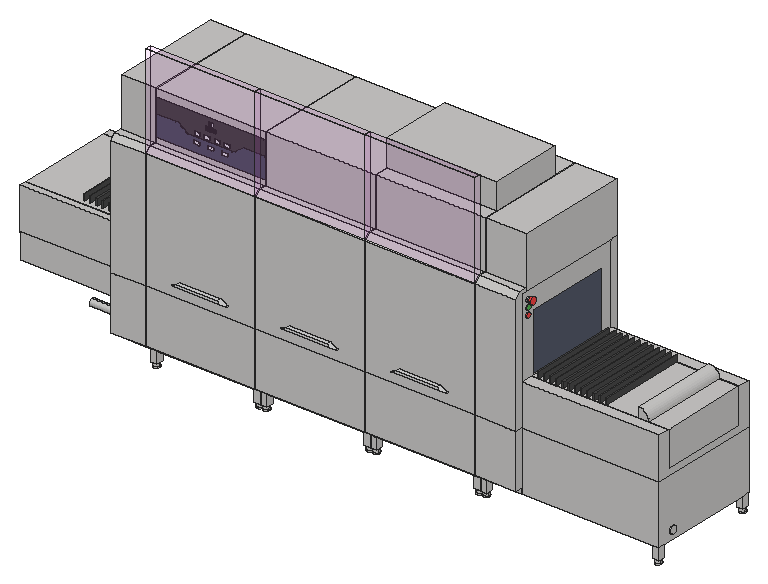
Revit family "QF_ELECTROLUXPROFESSIONAL_520709_EFTD052EL2U2D1M5L385", category Attrezzature speciali, Revit 2020
Family settings
  Quota connettore circolare = Usa diametro
  Tipo di parte = Normale
  Basato su piano di lavoro = No
  Sempre verticale = Sì
  Taglio con vuoti quando caricato = No
  Condiviso = No
  Punto di calcolo locali = No
Parameters (values of type "Standard")
  Weight = 923.00 kg
  Watts = 46500 W
  Volts = 380 V
  URL Manufacturer = "https://www.electroluxprofessional.com/"
  URL = "https://www.electroluxprofessional.com/"
  Steam Supply Size = 0 mm
  Steam Supply Minimum Pressure = 0.0 Pa
  Steam Supply Maximum Pressure = 0.0 Pa
  Steam Consumption per Hour = 0
  Show Logo [instance] = yes
  Show Clearance [instance] = yes
  Refrigeration Suction Line Size = 0 mm
  Refrigeration Liquid Line Size = 0 mm
  Refrigerant Compressor Remote = yes
  Prospetto di default = 0 mm
  Produttore = "Electrolux Professional"
  Phase = 3
  Modello = "EFTD052EL2U2D1M5L385"
  Length Actual = 4650 mm  # constant formula
  Item Number = "520709"
  Hot Water Size = 0 mm
  Height Actual = 1983 mm  # constant formula
  HP = "62.4 HP"
  Gas Size = 0 mm
  Gas KW = 0
  Gas Input Pressure = 0 W
  Direct Waste Size = 50.8 mm
  Descrizione = "FT, 1Tank, 5200D/H, El., 950mm loading, 1300mm unloading, 1Dryer, 55mm conveyor,L>R,380V50Hz3P"
  Depth Actual = 946 mm  # constant formula
  Cycle = 50 Hz
  Condensate Return Size = 0 mm
  Compressed Air Volume = 0.0 L/s
  Compressed Air Size = 0 mm
  Compressed Air Pressure = 0.0 Pa
  Cold Water Size = 0 mm
  Accessory = yes
Reference planes
  plane 1 "Centro (Fronte/Retro)": y = 0
  plane 2: z = 0
  plane 3 "Centro (Sinistra/Destra)": x = 0
  plane 4: z = 115
Forms (mm)
  Extrusion 1, solid, material "QF_Finishes_Stainless Steel"
    sketch origin (632.404, 2, 1806.023) x (1, 0, 0) y (0, 0, 1)
      loop
        line (407.596, -163.023) -> (407.596, -183.023) -> (427.596, -183.023) -> (427.596, -163.023) -> (407.596, -163.023)
    from 0 to 2
  Extrusion 2, solid, material "QF_Finishes_Stainless Steel"
    sketch origin (4655.617, -1522.464, 1290.159) x (0, 0, -1) y (0, -1, 0)
      loop
        circle (1102.159, -772.464) r 25
    from -9.383 to 5.617
  Extrusion 3, solid, material "QF_Finishes_Stainless Steel"
    sketch origin (1292.404, 2, 337.984) x (1, 0, 0) y (0, 0, 1)
      loop
        line (407.596, -163.023) -> (407.596, -183.023) -> (427.596, -183.023) -> (427.596, -163.023) -> (407.596, -163.023)
    from 0 to 2
  Extrusion 4, solid, material "QF_Finishes_Stainless Steel"
    sketch origin (1726.841, 200.464, 109.383) x (1, 0, 0) y (0, 1, 0)
      loop
        circle (1102.159, -772.464) r 10
    from -9.383 to 5.617
  Extrusion 5, solid, material "QF_Finishes_Stainless Steel"
    sketch origin (444.383, 22.464, 1290.159) x (0, 0, -1) y (0, 1, 0)
      loop
        circle (1102.159, -772.464) r 25
    from -9.383 to 255.617
  Extrusion 6, solid, material "QF_Finishes_Stainless Steel"
    sketch origin (1797.841, 200.464, 109.383) x (1, 0, 0) y (0, 1, 0)
      loop
        circle (1102.159, -772.464) r 10
    from -9.383 to 5.617
Dimensions and locks
  plane 4 to level = 115 mm
  aligned and locked: level to plane 2
Nested families
  nested 1: "MODULO_CENTER_800_FAN" at (2933.563, -388.258, 0), Show Clearance <- "Show Clearance", type "MODULO_CENTER_800_FAN"
    with Show Logo yes, Show Clearance yes, R_L no, L_R yes
  nested 2: "MODULO_CENTER_800" at (1333.563, -388.258, 0), Show Clearance <- "Show Clearance", type "MODULO_CENTER_800"
    with Show Logo yes, Show Clearance yes, R_L no, L_R yes
  nested 3: "MODULO_ENTRY_DISH_950" at (558.563, -388.258, 0), type "MODULO_ENTRY_DISH_950"
    with Show Logo yes, Show Clearance yes, R_L no, L_R yes
  nested 4: "MODULO_USCITA_DISH_1300" at (3708.563, -388.258, 0), type "MODULO_USCITA_DISH_1300"
    with Show Logo yes, Show Clearance yes, R_L yes, L_R no
  nested 5: "Piedino_Square_115H" at (4626.5, -73.5, 0) x (-1, 0, 0) z (0, 0, 1), type "Piedino_Square_115H"
  nested 6: "Piedino_Square_115H" at (4626.5, -838.5, 0) x (-1, 0, 0) z (0, 0, 1), type "Piedino_Square_115H"
  nested 7: "Piedino_Square_115H" at (3373.5, -73.5, 0) x (-1, 0, 0) z (0, 0, 1), type "Piedino_Square_115H"
  nested 8: "Piedino_Square_115H" at (3373.5, -838.5, 0) x (-1, 0, 0) z (0, 0, 1), type "Piedino_Square_115H"
  nested 9: "Piedino_Square_115H" at (1773.5, -838.5, 0), type "Piedino_Square_115H"
  nested 10: "Piedino_Square_115H" at (1773.5, -73.5, 0), type "Piedino_Square_115H"
  nested 11: "Piedino_Square_115H" at (2526.5, -838.5, 0), type "Piedino_Square_115H"
  nested 12: "Piedino_Square_115H" at (2526.5, -73.5, 0), type "Piedino_Square_115H"
  nested 13: "Piedino_Square_115H" at (2573.5, -838.5, 0) x (-1, 0, 0) z (0, 0, 1), type "Piedino_Square_115H"
  nested 14: "Piedino_Square_115H" at (2573.5, -73.5, 0) x (-1, 0, 0) z (0, 0, 1), type "Piedino_Square_115H"
  nested 15: "Piedino_Square_115H" at (3326.5, -838.5, 0) x (-1, 0, 0) z (0, 0, 1), type "Piedino_Square_115H"
  nested 16: "Piedino_Square_115H" at (3326.5, -73.5, 0) x (-1, 0, 0) z (0, 0, 1), type "Piedino_Square_115H"
  nested 17: "Piedino_Square_115H" at (973.5, -838.5, 0), type "Piedino_Square_115H"
  nested 18: "Piedino_Square_115H" at (973.5, -73.5, 0), type "Piedino_Square_115H"
  nested 19: "Piedino_Square_115H" at (1726.5, -838.5, 0), type "Piedino_Square_115H"
  nested 20: "Piedino_Square_115H" at (1726.5, -73.5, 0), type "Piedino_Square_115H"
  nested 21: "MANIGLIA_FLIGHT_400" at (1350, -912, 639.28) x (1, 0, 0) z (0, -1, 0), type "MANIGLIA_FLIGHT_400"
  nested 22: "MANIGLIA_FLIGHT_400" at (2950, -912, 639.28) x (1, 0, 0) z (0, -1, 0), type "MANIGLIA_FLIGHT_400"
  nested 23: "MANIGLIA_FLIGHT_400" at (2150, -912, 639.28) x (1, 0, 0) z (0, -1, 0), type "MANIGLIA_FLIGHT_400"
  nested 24: "MODULO_CENTER_800" at (2166.437, -388.258, 0) x (-1, 0, 0) z (0, 0, 1), Show Clearance <- "Show Clearance", type "MODULO_CENTER_800"
    with Show Logo yes, Show Clearance yes, R_L no, L_R yes
  nested 25: "Schermo_Flight_800" at (1350, -815, 1583) x (1, 0, 0) z (0, -1, 0), type "Schermo_Flight_800"
  nested 26: "ELX_LOGO_WORDS_WHITE" at (1350, -816.6, 1663) x (1, 0, 0) z (0, -1, 0), Show Logo <- "Show Logo", visible <- "Show Logo", type "ELX_LOGO_WORDS_WHITE"
    with Show Logo yes
  nested 27: "ELX_LOGO_MONO_SMALL_WHITE" at (1340.08, -816.6, 1649) x (-1, 0, 0) z (0, -1, 0), Show Logo <- "Show Logo", visible <- "Show Logo", type "ELX_LOGO_MONO_SMALL_WHITE"
    with Show Logo yes
Connectors
  electrical at (1050, 2, 1633)
    settings: on Extrusion 1, index 69, voltage 0 V, apparent load 0 VA, apparent load phase1 0 VA, apparent load phase2 0 VA, apparent load phase3 0 VA, power factor 1, load classification "Altro", number of poles 1, system type 30, power factor state 1, is connector primary yes, connector utility no, sub classification motor no, connector description "EI"
  piping at (4665, -750, 188), diameter 50
    settings: on Extrusion 2, index 70, connector inside diameter 609.6 mm, connector length 0 mm, flow factor 0, pipe flow 0.0 L/s, pressure drop 0.0 Pa, fitting loss kfactor 0, connector angle 0.00°, fixture units 0, engagement length 0 mm, angle of deflection 0.00°, flow configuration 0, flow direction 0, fitting loss method 0, system type 29, joint type 0, gender type 0, connector reference index -1, connector utility 0, adjustable connector no, is connector primary yes, connector description "D"
  electrical at (1710, 2, 164.961)
    settings: on Extrusion 3, index 71, voltage 0 V, apparent load 0 VA, apparent load phase1 0 VA, apparent load phase2 0 VA, apparent load phase3 0 VA, power factor 1, load classification "Altro", number of poles 1, system type 30, power factor state 1, is connector primary no, connector utility no, sub classification motor no, connector description "EQ"
  piping at (2829, -572, 100), diameter 19.1
    settings: on Extrusion 4, index 72, connector inside diameter 609.6 mm, connector length 0 mm, flow factor 0, pipe flow 0.0 L/s, pressure drop 0.0 Pa, fitting loss kfactor 0, connector angle 0.00°, fixture units 0, engagement length 0 mm, angle of deflection 0.00°, flow configuration 0, flow direction 0, fitting loss method 0, system type 29, joint type 0, gender type 0, connector reference index -1, connector utility 0, adjustable connector no, is connector primary no, connector description "HWI/CWI"
  piping at (435, -750, 188), diameter 50
    settings: on Extrusion 5, index 73, connector inside diameter 609.6 mm, connector length 0 mm, flow factor 0, pipe flow 0.0 L/s, pressure drop 0.0 Pa, fitting loss kfactor 0, connector angle 0.00°, fixture units 0, engagement length 0 mm, angle of deflection 0.00°, flow configuration 0, flow direction 0, fitting loss method 0, system type 29, joint type 0, gender type 0, connector reference index -1, connector utility 0, adjustable connector no, is connector primary no, connector description "D"
  piping at (2900, -572, 100), diameter 19.1
    settings: on Extrusion 6, index 74, connector inside diameter 609.6 mm, connector length 0 mm, flow factor 0, pipe flow 0.0 L/s, pressure drop 0.0 Pa, fitting loss kfactor 0, connector angle 0.00°, fixture units 0, engagement length 0 mm, angle of deflection 0.00°, flow configuration 0, flow direction 0, fitting loss method 0, system type 29, joint type 0, gender type 0, connector reference index -1, connector utility 0, adjustable connector no, is connector primary no, connector description "HWI/CWI"
Definition of nested family "MODULO_CENTER_800_FAN"
  Parameters (values of type "MODULO_CENTER_800_FAN")
    URL = "http://professional.electrolux.com"
    Show Logo [instance] = yes
    R_L [instance] = not(L_R)  # no
    Default Elevation = 0 mm
    Manufacturer = "Electrolux"
    Model = "ESR10E5"
    Length Actual = 800 mm
    Show Clearance [instance] = yes
    L_R [instance] = yes
    Height Actual = 1792 mm
    Description = "SINGLE RINSE RT, 100R/H, ELECTRIC 50HZ"
    Depth Actual = 912 mm
  Reference planes
    plane 1 "Center X": y = -67.742
    plane 2: z = 0
    plane 3 "LEFT": x = -383.563
    plane 4 "RIGHT": x = 416.437
    plane 5 "BACK": y = 388.258
    plane 6 "FEET": z = 115
    plane 7: z = 2092
    plane 8 "TOP": z = 1792
    plane 9 "FRONT": y = -523.742
    plane 10 "Left/Right": x = 16.437
    plane 11 "TopVent": z = 1983
  Forms (mm)
    Extrusion 1, solid
      sketch origin (416.437, 479.936, 4000) x (0, 1, 0) y (0, 0, 1)
        loop
          line (-91.678, -2208) -> (-906.678, -2208) -> (-906.678, -2580) -> (-91.678, -2580) -> (-91.678, -2208)
      from -800 to 0
    Extrusion 2, solid
      sketch origin (-383.563, 437.565, 3910) x (0, 1, 0) y (0, 0, 1)
        loop
          line (-99.307, -2490) -> (-911.307, -2490) -> (-911.307, -3552) -> (-99.307, -3552) -> (-99.307, -2490)
      from 800 to 0
    Extrusion 3, solid
      sketch origin (416.437, 479.936, 4299) x (0, 1, 0) y (0, 0, 1)
        loop
          line (-278.21, -2316) -> (-803.678, -2316) -> (-803.678, -2507) -> (-278.21, -2507) -> (-278.21, -2316)
      from -800 to 0
    Extrusion 4, solid
      sketch origin (16.437, 0, 1.5) x (0, 0, 1) y (0, -1, 0)
        loop
          line (356.5, -338.258) -> (356.5, 473.742) -> (113.5, 473.742) -> (113.5, -338.258) -> (356.5, -338.258)
      from 400 to -400
    Extrusion 5, solid
      sketch origin (16.437, 0, 0) x (0, 0, 1) y (0, -1, 0)
        loop
          line (1420, -338.258) -> (545, -338.258) -> (545, -388.258) -> (1420, -388.258) -> (1420, -338.258)
      from -400 to 400
    Extrusion 6, solid
      sketch origin (16.437, 0, 0) x (0, 0, 1) y (0, -1, 0)
        loop
          line (545, -388.258) -> (545, -338.258) -> (154, -338.258) -> (154, -388.258) -> (545, -388.258)
      from -400 to 400
    Extrusion 7, solid
      sketch origin (16.437, -882.484, -150) x (0, -1, 0) y (0, 0, 1)
        loop
          line (-358.742, 304) -> (-358.742, 695) -> (-408.742, 695) -> (-408.742, 304) -> (-358.742, 304)
      from -400 to 400
    Extrusion 8, solid
      sketch origin (16.437, -882.484, -151) x (0, -1, 0) y (0, 0, 1)
        loop
          line (-408.742, 1571) -> (-408.742, 696) -> (-358.742, 696) -> (-358.742, 1556) -> (-395.742, 1593) -> (-443.742, 1593) -> (-443.742, 1571) -> (-408.742, 1571)
      from -400 to 400
    Extrusion 9, solid, visible <- "Show Clearance"
      sketch origin (16.437, -882.484, 452) x (0, -1, 0) y (0, 0, 1)
        loop
          line (-408.742, 1640) -> (-408.742, 953.624) -> (-358.742, 953.624) -> (-358.742, 1640) -> (-408.742, 1640)
      from -400 to 400
  Dimensions and locks
    plane 3 "LEFT" to plane 4 "RIGHT" = 800 mm
    plane 5 "BACK" to plane 1 "Center X" to plane 9 "FRONT" = 456 mm, 456 mm
    plane 6 "FEET" to level = 115 mm  (x2)
    plane 6 "FEET" to plane 8 "TOP" = 1677 mm
    plane 5 "BACK" to plane 9 "FRONT" = 912 mm  (x2)
    plane 4 "RIGHT" to plane 3 "LEFT" = 800 mm
    plane 9 "FRONT" to plane 5 "BACK" = 912 mm
    level to plane 8 "TOP" = 1792 mm  (x2)
    plane 7 to level = 2092 mm
    plane 11 "TopVent" to plane 2 = 1983 mm
    plane 7 to plane 2 = 2092 mm
    Extrusion 2 to level = 1420 mm
    Extrusion 8 to level = 1442 mm
    plane 11 "TopVent" to level = 1983 mm
    aligned and locked: level to plane 2
Definition of nested family "MODULO_CENTER_800"
  Parameters (values of type "MODULO_CENTER_800")
    URL = "http://professional.electrolux.com"
    Show Logo [instance] = yes
    R_L [instance] = not(L_R)  # no
    Default Elevation = 0 mm
    Manufacturer = "Electrolux"
    Model = "ESR10E5"
    Length Actual = 800 mm
    Show Clearance [instance] = yes
    L_R [instance] = yes
    Height Actual = 1792 mm
    Description = "SINGLE RINSE RT, 100R/H, ELECTRIC 50HZ"
    Depth Actual = 912 mm
  Reference planes
    plane 1 "Center X": y = -67.742
    plane 2: z = 0
    plane 3 "LEFT": x = -383.563
    plane 4 "RIGHT": x = 416.437
    plane 5 "BACK": y = 388.258
    plane 6 "FEET": z = 115
    plane 7: z = 2092
    plane 8 "TOP": z = 1792
    plane 9 "FRONT": y = -523.742
    plane 10 "Left/Right": x = 16.437
  Forms (mm)
    Extrusion 1, solid
      sketch origin (416.437, 479.936, 4000) x (0, 1, 0) y (0, 0, 1)
        loop
          line (-91.678, -2208) -> (-906.678, -2208) -> (-906.678, -2580) -> (-91.678, -2580) -> (-91.678, -2208)
      from -800 to 0
    Extrusion 2, solid
      sketch origin (-383.563, 437.565, 3915) x (0, 1, 0) y (0, 0, 1)
        loop
          line (-99.307, -2495) -> (-911.307, -2495) -> (-911.307, -3557) -> (-99.307, -3557) -> (-99.307, -2495)
      from 800 to 0
    Extrusion 3, solid
      sketch origin (16.437, 0, 1.5) x (0, 0, 1) y (0, -1, 0)
        loop
          line (356.5, -338.258) -> (356.5, 473.742) -> (113.5, 473.742) -> (113.5, -338.258) -> (356.5, -338.258)
      from 400 to -400
    Extrusion 4, solid
      sketch origin (16.437, 0, 0) x (0, 0, 1) y (0, -1, 0)
        loop
          line (1420, -338.258) -> (545, -338.258) -> (545, -388.258) -> (1420, -388.258) -> (1420, -338.258)
      from -400 to 400
    Extrusion 5, solid
      sketch origin (16.437, 0, 0) x (0, 0, 1) y (0, -1, 0)
        loop
          line (545, -388.258) -> (545, -338.258) -> (154, -338.258) -> (154, -388.258) -> (545, -388.258)
      from -400 to 400
    Extrusion 6, solid
      sketch origin (16.437, -882.484, -150) x (0, -1, 0) y (0, 0, 1)
        loop
          line (-358.742, 304) -> (-358.742, 695) -> (-408.742, 695) -> (-408.742, 304) -> (-358.742, 304)
      from -400 to 400
    Extrusion 7, solid
      sketch origin (16.437, -882.484, -151) x (0, -1, 0) y (0, 0, 1)
        loop
          line (-408.742, 1571) -> (-408.742, 696) -> (-358.742, 696) -> (-358.742, 1556) -> (-395.742, 1593) -> (-443.742, 1593) -> (-443.742, 1571) -> (-408.742, 1571)
      from -400 to 400
    Extrusion 8, solid, visible <- "Show Clearance"
      sketch origin (16.437, -882.484, 452) x (0, -1, 0) y (0, 0, 1)
        loop
          line (-408.742, 1640) -> (-408.742, 953.624) -> (-358.742, 953.624) -> (-358.742, 1640) -> (-408.742, 1640)
      from -400 to 400
  Dimensions and locks
    plane 3 "LEFT" to plane 4 "RIGHT" = 800 mm
    plane 5 "BACK" to plane 1 "Center X" to plane 9 "FRONT" = 456 mm, 456 mm
    plane 6 "FEET" to level = 115 mm  (x2)
    plane 6 "FEET" to plane 8 "TOP" = 1677 mm
    plane 5 "BACK" to plane 9 "FRONT" = 912 mm  (x2)
    plane 4 "RIGHT" to plane 3 "LEFT" = 800 mm
    plane 9 "FRONT" to plane 5 "BACK" = 912 mm
    level to plane 8 "TOP" = 1792 mm  (x2)
    plane 7 to level = 2092 mm
    plane 7 to plane 2 = 2092 mm
    Extrusion 2 to level = 1420 mm
    Extrusion 7 to level = 1442 mm
    aligned and locked: level to plane 2
Definition of nested family "MODULO_ENTRY_DISH_950"
  Parameters (values of type "MODULO_ENTRY_DISH_950")
    URL = "http://professional.electrolux.com"
    Show Logo [instance] = yes
    R_L [instance] = not(L_R)  # no
    Default Elevation = 0 mm
    Manufacturer = "Electrolux"
    Model = "ESR10E5"
    Length Actual = 800 mm
    Show Clearance [instance] = yes
    L_R [instance] = yes
    Height Actual = 1792 mm
    Description = "SINGLE RINSE RT, 100R/H, ELECTRIC 50HZ"
    Depth Actual = 912 mm
  Reference planes
    plane 1 "Center (Front/Back)": y = -67.742
    plane 2: z = 0
    plane 3 "LEFT": x = -558.563
    plane 4 "RIGHT": x = 391.437
    plane 5 "BACK": y = 388.258
    plane 6 "FRONT": y = -523.742
    plane 7 "BUTTONS": y = -427.742
    plane 8: z = 115
    plane 9 "2": y = 292.258
  Forms (mm)
    Extrusion 1, solid, visible <- "L_R"
      sketch origin (391.437, 479.936, 4000) x (0, 1, 0) y (0, 0, 1)
        loop
          line (-91.678, -2208) -> (-906.678, -2208) -> (-906.678, -2580) -> (-91.678, -2580) -> (-91.678, -2208)
      from -250 to 0
    Extrusion 2, solid
      sketch origin (-358.563, 437.565, 3910) x (0, 1, 0) y (0, 0, 1)
        loop
          line (-99.307, -2490) -> (-911.307, -2490) -> (-911.307, -3552) -> (-99.307, -3552) -> (-99.307, -2490)
      from 750 to 500
    Extrusion 3, solid
      sketch origin (-558.563, 437.565, 3910) x (0, 1, 0) y (0, 0, 1)
        loop
          line (-99.307, -3365) -> (-99.307, -3060) -> (-149.307, -3060) -> (-149.307, -3315) -> (-861.307, -3315) -> (-861.307, -3060) -> (-911.307, -3060) -> (-911.307, -3365) -> (-99.307, -3365)
      from 700 to 0
    Extrusion 4, solid
      sketch origin (16.437, 0, -4.987) x (0, 0, 1) y (0, -1, 0)
        loop
          line (362.987, -338.258) -> (362.987, 473.742) -> (119.987, 473.742) -> (119.987, -338.258) -> (362.987, -338.258)
      from 375 to 125
    Extrusion 5, solid, visible <- "L_R"
      sketch origin (16.437, 0, 0) x (0, 0, 1) y (0, -1, 0)
        loop
          line (1420, -338.258) -> (545, -338.258) -> (545, -388.258) -> (1420, -388.258) -> (1420, -338.258)
      from 125 to 375
    Extrusion 6, solid
      sketch origin (16.437, 0, 0) x (0, 0, 1) y (0, -1, 0)
        loop
          line (545, -388.258) -> (545, -338.258) -> (154, -338.258) -> (154, -388.258) -> (545, -388.258)
      from 125 to 375
    Extrusion 7, solid
      sketch origin (-558.563, 437.565, 3607.258) x (0, 1, 0) y (0, 0, 1)
        loop
          line (-99.307, -3249.258) -> (-99.307, -3062.258) -> (-911.307, -3062.258) -> (-911.307, -3249.258) -> (-99.307, -3249.258)
      from 700 to 0
    Extrusion 8, solid
      sketch origin (-558.563, 437.565, 4000) x (0, 1, 0) y (0, 0, 1)
        loop
          line (-149.307, -3150) -> (-861.307, -3150) -> (-861.307, -3405) -> (-149.307, -3405) -> (-149.307, -3150)
      from 0 to 700
    Extrusion 9, solid
      sketch origin (266.437, -882.484, -150) x (0, -1, 0) y (0, 0, 1)
        loop
          line (-358.742, 304) -> (-358.742, 695) -> (-408.742, 695) -> (-408.742, 304) -> (-358.742, 304)
      from -125 to 125
    Extrusion 10, solid, visible <- "L_R"
      sketch origin (266.437, -882.484, -151) x (0, -1, 0) y (0, 0, 1)
        loop
          line (-408.742, 1571) -> (-408.742, 696) -> (-358.742, 696) -> (-358.742, 1556) -> (-395.742, 1593) -> (-443.742, 1593) -> (-443.742, 1571) -> (-408.742, 1571)
      from -125 to 125
    Extrusion 11, solid
      sketch origin (-358.563, 437.565, 4000) x (0, 1, 0) y (0, 0, 1)
        loop
          line (-199.307, -2725.701) -> (-811.307, -2725.701) -> (-811.307, -3137.701) -> (-199.307, -3137.701) -> (-199.307, -2725.701)
      from 495.458 to 500
    Extrusion 12, solid, visible <- "R_L"
      sketch origin (266.437, 747, -151) x (0, 1, 0) y (0, 0, -1)
        loop
          line (-408.742, -1571) -> (-443.742, -1571) -> (-443.742, -1593) -> (-395.742, -1593) -> (-358.742, -1556) -> (-358.742, -696) -> (-408.742, -696) -> (-408.742, -1571)
      from -125 to 125
    Extrusion 13, solid, visible <- "R_L"
      sketch origin (16.437, -135.484, 0) x (0, 0, 1) y (0, -1, 0)
        loop
          line (1420, 338.258) -> (1420, 388.258) -> (545, 388.258) -> (545, 338.258) -> (1420, 338.258)
      from 125 to 375
    Extrusion 14, solid, visible <- "R_L"
      sketch origin (391.437, -615.42, 4000) x (0, -1, 0) y (0, 0, -1)
        loop
          line (-91.678, 2208) -> (-91.678, 2580) -> (-906.678, 2580) -> (-906.678, 2208) -> (-91.678, 2208)
      from -250 to 0
    Extrusion 15, solid
      sketch origin (-191.477, -192.742, -3) x (-1, 0, 0) y (0, 0, 1)
        loop
          line (-26.676, 853) -> (-26.676, 898) -> (-36.676, 898) -> (-36.676, 853) -> (-26.676, 853)
      from -196 to 446
    Extrusion 16, solid
      sketch origin (-146.477, -192.742, -3) x (-1, 0, 0) y (0, 0, 1)
        loop
          line (-26.676, 853) -> (-26.676, 898) -> (-36.676, 898) -> (-36.676, 853) -> (-26.676, 853)
      from -196 to 446
    Extrusion 17, solid
      sketch origin (-101.477, -192.742, -3) x (-1, 0, 0) y (0, 0, 1)
        loop
          line (-26.676, 853) -> (-26.676, 898) -> (-36.676, 898) -> (-36.676, 853) -> (-26.676, 853)
      from -196 to 446
    Extrusion 18, solid
      sketch origin (-56.477, -192.742, -3) x (-1, 0, 0) y (0, 0, 1)
        loop
          line (-26.676, 853) -> (-26.676, 898) -> (-36.676, 898) -> (-36.676, 853) -> (-26.676, 853)
      from -196 to 446
    Extrusion 19, solid
      sketch origin (-11.477, -192.742, -3) x (-1, 0, 0) y (0, 0, 1)
        loop
          line (-26.676, 853) -> (-26.676, 898) -> (-36.676, 898) -> (-36.676, 853) -> (-26.676, 853)
      from -196 to 446
    Extrusion 20, solid
      sketch origin (33.523, -192.742, -3) x (-1, 0, 0) y (0, 0, 1)
        loop
          line (-26.676, 853) -> (-26.676, 898) -> (-36.676, 898) -> (-36.676, 853) -> (-26.676, 853)
      from -196 to 446
  Dimensions and locks
    plane 3 "LEFT" to plane 4 "RIGHT" = 950 mm
    plane 5 "BACK" to plane 1 "Center (Front/Back)" to plane 6 "FRONT" = 456 mm, 456 mm
    plane 5 "BACK" to plane 6 "FRONT" = 912 mm  (x2)
    plane 4 "RIGHT" to plane 3 "LEFT" = 950 mm  (x2)
    plane 6 "FRONT" to plane 5 "BACK" = 912 mm
    plane 8 to level = 115 mm
    Extrusion 1 to level = 1792 mm
    Extrusion 3 to level = 850 mm
    aligned and locked: level to plane 2
  Nested families
    nested 1: "BOTTONE_RED_STOP" at (141.437, -427.742, 1266.906) x (0, -1, 0) z (-1, 0, 0), visible <- "L_R", type "BOTTONE_RED_STOP"
    nested 2: "BOTTONE_EMERGENCY_STOP" at (141.437, -427.742, 1370) x (0, -1, 0) z (-1, 0, 0), visible <- "L_R", type "BOTTONE_EMERGENCY_STOP"
    nested 3: "BOTTONE_GREEN_START" at (141.437, -427.742, 1316.906) x (0, -1, 0) z (-1, 0, 0), visible <- "L_R", type "BOTTONE_GREEN_START"
    nested 4: "BOTTONE_RED_STOP" at (141.437, 292.258, 1267.906) x (0, 1, 0) z (-1, 0, 0), visible <- "R_L", type "BOTTONE_RED_STOP"
    nested 5: "BOTTONE_EMERGENCY_STOP" at (141.437, 292.258, 1371) x (0, 1, 0) z (-1, 0, 0), visible <- "R_L", type "BOTTONE_EMERGENCY_STOP"
    nested 6: "BOTTONE_GREEN_START" at (141.437, 292.258, 1317.906) x (0, 1, 0) z (-1, 0, 0), visible <- "R_L", type "BOTTONE_GREEN_START"
  Definition of nested family "BOTTONE_RED_STOP"
    Parameters (values of type "BOTTONE_RED_STOP")
      Default Elevation = 1219.2 mm
    Reference planes
      plane 1 "Centro (Fronte/Retro)": y = 0
      plane 2: z = 0
      plane 3 "Centro (Sinistra/Destra)": x = 0
    Forms (mm)
      Extrusion 1, solid
        sketch origin (0, 0, 0) x (1, 0, 0) y (0, 1, 0)
          loop
            line (-1219.2, 1219.2) -> (-1219.2, -1219.2) -> (1219.2, -1219.2) -> (1219.2, 1219.2) -> (-1219.2, 1219.2)
        from 0 to -304.8
      Extrusion 2, solid
        sketch origin (-367.513, 69.533, 15) x (-1, 0, 0) y (0, 1, 0)
          loop
            circle (-367.513, -69.533) r 15
        from 0 to 15
    Dimensions and locks
      aligned and locked: plane 2 to Extrusion 1
      aligned and locked: level to Extrusion 1
  Definition of nested family "BOTTONE_EMERGENCY_STOP"
    Parameters
      Default Elevation = 1219.2 mm
    Reference planes
      plane 1 "Centro (Fronte/Retro)": y = 0
      plane 2: z = 0
      plane 3 "Centro (Sinistra/Destra)": x = 0
    Forms (mm)
      Extrusion 1, solid
        sketch origin (0, 0, 0) x (1, 0, 0) y (0, 1, 0)
          loop
            line (-1219.2, 1219.2) -> (-1219.2, -1219.2) -> (1219.2, -1219.2) -> (1219.2, 1219.2) -> (-1219.2, 1219.2)
        from 0 to -304.8
      Extrusion 2, solid
        sketch origin (0, 0, 0) x (1, 0, 0) y (0, 1, 0)
          loop
            circle (0, 0) r 15
        from 0 to 20.273
      Blend 3, solid
        base sketch origin (-49.801, 0, 0) x (1, 0, 0) y (0, 1, 0)
          loop
            circle (49.801, 0) r 15
        top sketch origin (-49.801, 0, 0) x (1, 0, 0) y (0, 1, 0)
          loop
            circle (49.801, 0) r 25
        from 20.273 to 47.605
    Dimensions and locks
      aligned and locked: plane 2 to Extrusion 1
      aligned and locked: level to Extrusion 1
  Definition of nested family "BOTTONE_GREEN_START"
    Parameters (values of type "BOTTONE_GREEN_START")
      Default Elevation = 1219.2 mm
    Reference planes
      plane 1 "Centro (Fronte/Retro)": y = 0
      plane 2: z = 0
      plane 3 "Centro (Sinistra/Destra)": x = 0
    Forms (mm)
      Extrusion 1, solid
        sketch origin (0, 0, 0) x (1, 0, 0) y (0, 1, 0)
          loop
            line (-1219.2, 1219.2) -> (-1219.2, -1219.2) -> (1219.2, -1219.2) -> (1219.2, 1219.2) -> (-1219.2, 1219.2)
        from 0 to -304.8
      Extrusion 2, solid
        sketch origin (-367.513, 69.533, 15) x (-1, 0, 0) y (0, 1, 0)
          loop
            circle (-367.513, -69.533) r 15
        from 0 to 15
    Dimensions and locks
      aligned and locked: plane 2 to Extrusion 1
      aligned and locked: level to Extrusion 1
Definition of nested family "MODULO_USCITA_DISH_1300"
  Parameters (values of type "MODULO_USCITA_DISH_1300")
    URL = "http://professional.electrolux.com"
    Show Logo [instance] = yes
    R_L [instance] = not(L_R)  # yes
    Default Elevation = 0 mm
    Manufacturer = "Electrolux"
    Model = "ESR10E5"
    Length Actual = 800 mm
    Show Clearance [instance] = yes
    L_R [instance] = no
    Height Actual = 1792 mm
    Description = "SINGLE RINSE RT, 100R/H, ELECTRIC 50HZ"
    Depth Actual = 912 mm
  Reference planes
    plane 1 "Center (Front/Back)": y = -67.742
    plane 2: z = 0
    plane 3 "LEFT": x = -358.563
    plane 4 "BACK": y = 388.258
    plane 5 "FEET": z = 115
    plane 6 "TOP": z = 1792
    plane 7 "FRONT": y = -523.742
    plane 8 "Left/Right": x = 16.437
    plane 9: x = -358.563
    plane 10: y = -427.742
    plane 11 "RIGHT": x = 941.437
  Forms (mm)
    Extrusion 1, solid, visible <- "R_L"
      sketch origin (-358.563, 479.936, 4003) x (0, 1, 0) y (0, 0, -1)
        loop
          line (-91.678, 2211) -> (-91.678, 2583) -> (-906.678, 2583) -> (-906.678, 2211) -> (-91.678, 2211)
      from -300 to 0
    Extrusion 2, solid
      sketch origin (-358.563, 437.565, 4003) x (0, 1, 0) y (0, 0, 1)
        loop
          line (-99.307, -3458) -> (-911.307, -3458) -> (-911.307, -3888) -> (-99.307, -3888) -> (-99.307, -3458)
      from 300 to 0
    Extrusion 3, solid
      sketch origin (-358.563, 479.936, 4003) x (0, 1, 0) y (0, 0, -1)
        loop
          line (-141.678, 2583) -> (-141.678, 3458) -> (-953.678, 3458) -> (-953.678, 2583) -> (-141.678, 2583)
      from -300 to 0
    Extrusion 4, solid
      sketch origin (391.437, 437.565, 3913) x (0, 1, 0) y (0, 0, -1)
        loop
          line (-99.307, 3368) -> (-911.307, 3368) -> (-911.307, 3063) -> (-826.307, 3063) -> (-826.307, 3318) -> (-184.307, 3318) -> (-184.307, 3063) -> (-99.307, 3063) -> (-99.307, 3368)
      from 450 to -550
    Extrusion 5, solid, visible <- "R_L"
      sketch origin (16.437, 0, 3) x (0, 0, 1) y (0, 1, 0)
        loop
          line (1417, 338.258) -> (1417, 388.258) -> (542, 388.258) -> (542, 338.258) -> (1417, 338.258)
      from 75 to 375
    Extrusion 6, solid
      sketch origin (16.437, 0, 3) x (0, 0, 1) y (0, 1, 0)
        loop
          line (542, 388.258) -> (151, 388.258) -> (151, 338.258) -> (542, 338.258) -> (542, 388.258)
      from 75 to 375
    Extrusion 7, solid
      sketch origin (391.437, 437.565, 3610.258) x (0, 1, 0) y (0, 0, -1)
        loop
          line (-99.307, 3495.258) -> (-911.307, 3495.258) -> (-911.307, 3065.258) -> (-99.307, 3065.258) -> (-99.307, 3495.258)
      from 450 to -550
    Extrusion 8, solid
      sketch origin (991.437, 0, 3) x (0, 1, 0) y (0, 0, 1)
        loop
          line (253.258, 847) -> (-388.742, 847) -> (-388.742, 592) -> (253.258, 592) -> (253.258, 847)
      from -50 to -1050
    Extrusion 9, solid
      sketch origin (-358.563, 437.565, 3928) x (0, 1, 0) y (0, 0, 1)
        loop
          line (-811.307, -3065.701) -> (-199.307, -3065.701) -> (-199.307, -2653.701) -> (-811.307, -2653.701) -> (-811.307, -3065.701)
      from 300 to 304.77
    Extrusion 10, solid
      sketch origin (-208.563, -115, -147) x (0, 1, 0) y (0, 0, 1)
        loop
          line (-358.742, 301) -> (-358.742, 692) -> (-408.742, 692) -> (-408.742, 301) -> (-358.742, 301)
      from -150 to 150
    Extrusion 11, solid, visible <- "R_L"
      sketch origin (-208.563, -882.484, -151) x (0, -1, 0) y (0, 0, 1)
        loop
          line (-408.742, 1571) -> (-408.742, 696) -> (-358.742, 696) -> (-358.742, 1556) -> (-395.742, 1593) -> (-443.742, 1593) -> (-443.742, 1571) -> (-408.742, 1571)
      from -150 to 150
    Extrusion 12, solid
      sketch origin (-39.574, -192.742, -3) x (-1, 0, 0) y (0, 0, 1)
        loop
          line (-26.676, 853) -> (-26.676, 898) -> (-36.676, 898) -> (-36.676, 853) -> (-26.676, 853)
      from -196 to 446
    Extrusion 13, solid
      sketch origin (5.426, -192.742, -3) x (-1, 0, 0) y (0, 0, 1)
        loop
          line (-26.676, 853) -> (-26.676, 898) -> (-36.676, 898) -> (-36.676, 853) -> (-26.676, 853)
      from -196 to 446
    Extrusion 14, solid
      sketch origin (50.426, -192.742, -3) x (-1, 0, 0) y (0, 0, 1)
        loop
          line (-26.676, 853) -> (-26.676, 898) -> (-36.676, 898) -> (-36.676, 853) -> (-26.676, 853)
      from -196 to 446
    Extrusion 15, solid
      sketch origin (95.426, -192.742, -3) x (-1, 0, 0) y (0, 0, 1)
        loop
          line (-26.676, 853) -> (-26.676, 898) -> (-36.676, 898) -> (-36.676, 853) -> (-26.676, 853)
      from -196 to 446
    Extrusion 16, solid
      sketch origin (140.426, -192.742, -3) x (-1, 0, 0) y (0, 0, 1)
        loop
          line (-26.676, 853) -> (-26.676, 898) -> (-36.676, 898) -> (-36.676, 853) -> (-26.676, 853)
      from -196 to 446
    Extrusion 17, solid
      sketch origin (185.426, -192.742, -3) x (-1, 0, 0) y (0, 0, 1)
        loop
          line (-26.676, 853) -> (-26.676, 898) -> (-36.676, 898) -> (-36.676, 853) -> (-26.676, 853)
      from -196 to 446
    Extrusion 18, solid
      sketch origin (230.426, -192.742, -3) x (-1, 0, 0) y (0, 0, 1)
        loop
          line (-26.676, 853) -> (-26.676, 898) -> (-36.676, 898) -> (-36.676, 853) -> (-26.676, 853)
      from -196 to 446
    Extrusion 19, solid
      sketch origin (275.426, -192.742, -3) x (-1, 0, 0) y (0, 0, 1)
        loop
          line (-26.676, 853) -> (-26.676, 898) -> (-36.676, 898) -> (-36.676, 853) -> (-26.676, 853)
      from -196 to 446
    Revolve 20, solid
      sketch origin (295, 0, 850) x (1, 0, 0) y (0, 1, 0)
        loop
          line (430.204, 253.258) -> (430.204, -388.742) -> (502.335, -388.742) -> (502.335, 253.258) -> (430.204, 253.258)
        axis (430.204, 253.258) -> (430.204, -388.742)
      angle from 0 to -90
    Extrusion 21, solid, visible <- "L_R"
      sketch origin (-208.563, 747, -151) x (0, 1, 0) y (0, 0, -1)
        loop
          line (-408.742, -1571) -> (-443.742, -1571) -> (-443.742, -1593) -> (-395.742, -1593) -> (-358.742, -1556) -> (-358.742, -696) -> (-408.742, -696) -> (-408.742, -1571)
      from -150 to 150
    Extrusion 22, solid, visible <- "L_R"
      sketch origin (16.437, -135.484, 3) x (0, 0, 1) y (0, 1, 0)
        loop
          line (1417, -338.258) -> (542, -338.258) -> (542, -388.258) -> (1417, -388.258) -> (1417, -338.258)
      from 75 to 375
    Extrusion 23, solid, visible <- "L_R"
      sketch origin (-358.563, -615.42, 4003) x (0, -1, 0) y (0, 0, 1)
        loop
          line (-91.678, -2211) -> (-906.678, -2211) -> (-906.678, -2583) -> (-91.678, -2583) -> (-91.678, -2211)
      from -300 to 0
    Extrusion 24, solid
      sketch origin (320.426, -192.742, -3) x (-1, 0, 0) y (0, 0, 1)
        loop
          line (-26.676, 853) -> (-26.676, 898) -> (-36.676, 898) -> (-36.676, 853) -> (-26.676, 853)
      from -196 to 446
    Extrusion 25, solid
      sketch origin (365.426, -192.742, -3) x (-1, 0, 0) y (0, 0, 1)
        loop
          line (-26.676, 853) -> (-26.676, 898) -> (-36.676, 898) -> (-36.676, 853) -> (-26.676, 853)
      from -196 to 446
    Extrusion 26, solid
      sketch origin (410.426, -192.742, -3) x (-1, 0, 0) y (0, 0, 1)
        loop
          line (-26.676, 853) -> (-26.676, 898) -> (-36.676, 898) -> (-36.676, 853) -> (-26.676, 853)
      from -196 to 446
    Extrusion 27, solid
      sketch origin (455.426, -192.742, -3) x (-1, 0, 0) y (0, 0, 1)
        loop
          line (-26.676, 853) -> (-26.676, 898) -> (-36.676, 898) -> (-36.676, 853) -> (-26.676, 853)
      from -196 to 446
  Dimensions and locks
    plane 4 "BACK" to plane 1 "Center (Front/Back)" to plane 7 "FRONT" = 456 mm, 456 mm
    plane 5 "FEET" to level = 115 mm  (x2)
    plane 4 "BACK" to plane 7 "FRONT" = 912 mm  (x2)
    plane 7 "FRONT" to plane 4 "BACK" = 912 mm
    level to plane 6 "TOP" = 1792 mm
    plane 3 "LEFT" to plane 8 "Left/Right" = 375 mm
    plane 8 "Left/Right" to plane 11 "RIGHT" = 925 mm
    plane 3 "LEFT" to plane 11 "RIGHT" = 1300 mm
    plane 9 to plane 11 "RIGHT" = 1300 mm
    plane 6 "TOP" to level = 1792 mm
    aligned and locked: level to plane 2
  Nested families
    nested 1: "BOTTONE_EMERGENCY_STOP" at (-58.563, -427.742, 1369) x (0, -1, 0) z (1, 0, 0), visible <- "R_L", type "BOTTONE_EMERGENCY_STOP"
    nested 2: "BOTTONE_GREEN_START" at (-58.563, -427.742, 1315.906) x (0, -1, 0) z (1, 0, 0), visible <- "R_L", type "BOTTONE_GREEN_START"
    nested 3: "BOTTONE_RED_STOP" at (-58.563, -427.742, 1265.906) x (0, -1, 0) z (1, 0, 0), visible <- "R_L", type "BOTTONE_RED_STOP"
    nested 4: "BOTTONE_EMERGENCY_STOP" at (-58.563, 292.258, 1369) x (0, 1, 0) z (1, 0, 0), visible <- "L_R", type "BOTTONE_EMERGENCY_STOP"
    nested 5: "BOTTONE_GREEN_START" at (-58.563, 292.258, 1315.906) x (0, 1, 0) z (1, 0, 0), visible <- "L_R", type "BOTTONE_GREEN_START"
    nested 6: "BOTTONE_RED_STOP" at (-58.563, 292.258, 1265.906) x (0, 1, 0) z (1, 0, 0), visible <- "L_R", type "BOTTONE_RED_STOP"
  Definition of nested family "BOTTONE_EMERGENCY_STOP"
    Parameters
      Default Elevation = 1219.2 mm
    Reference planes
      plane 1 "Centro (Fronte/Retro)": y = 0
      plane 2: z = 0
      plane 3 "Centro (Sinistra/Destra)": x = 0
    Forms (mm)
      Extrusion 1, solid
        sketch origin (0, 0, 0) x (1, 0, 0) y (0, 1, 0)
          loop
            line (-1219.2, 1219.2) -> (-1219.2, -1219.2) -> (1219.2, -1219.2) -> (1219.2, 1219.2) -> (-1219.2, 1219.2)
        from 0 to -304.8
      Extrusion 2, solid
        sketch origin (0, 0, 0) x (1, 0, 0) y (0, 1, 0)
          loop
            circle (0, 0) r 15
        from 0 to 20.273
      Blend 3, solid
        base sketch origin (-49.801, 0, 0) x (1, 0, 0) y (0, 1, 0)
          loop
            circle (49.801, 0) r 15
        top sketch origin (-49.801, 0, 0) x (1, 0, 0) y (0, 1, 0)
          loop
            circle (49.801, 0) r 25
        from 20.273 to 47.605
    Dimensions and locks
      aligned and locked: plane 2 to Extrusion 1
      aligned and locked: level to Extrusion 1
  Definition of nested family "BOTTONE_GREEN_START"
    Parameters (values of type "BOTTONE_GREEN_START")
      Default Elevation = 1219.2 mm
    Reference planes
      plane 1 "Centro (Fronte/Retro)": y = 0
      plane 2: z = 0
      plane 3 "Centro (Sinistra/Destra)": x = 0
    Forms (mm)
      Extrusion 1, solid
        sketch origin (0, 0, 0) x (1, 0, 0) y (0, 1, 0)
          loop
            line (-1219.2, 1219.2) -> (-1219.2, -1219.2) -> (1219.2, -1219.2) -> (1219.2, 1219.2) -> (-1219.2, 1219.2)
        from 0 to -304.8
      Extrusion 2, solid
        sketch origin (-367.513, 69.533, 15) x (-1, 0, 0) y (0, 1, 0)
          loop
            circle (-367.513, -69.533) r 15
        from 0 to 15
    Dimensions and locks
      aligned and locked: plane 2 to Extrusion 1
      aligned and locked: level to Extrusion 1
  Definition of nested family "BOTTONE_RED_STOP"
    Parameters (values of type "BOTTONE_RED_STOP")
      Default Elevation = 1219.2 mm
    Reference planes
      plane 1 "Centro (Fronte/Retro)": y = 0
      plane 2: z = 0
      plane 3 "Centro (Sinistra/Destra)": x = 0
    Forms (mm)
      Extrusion 1, solid
        sketch origin (0, 0, 0) x (1, 0, 0) y (0, 1, 0)
          loop
            line (-1219.2, 1219.2) -> (-1219.2, -1219.2) -> (1219.2, -1219.2) -> (1219.2, 1219.2) -> (-1219.2, 1219.2)
        from 0 to -304.8
      Extrusion 2, solid
        sketch origin (-367.513, 69.533, 15) x (-1, 0, 0) y (0, 1, 0)
          loop
            circle (-367.513, -69.533) r 15
        from 0 to 15
    Dimensions and locks
      aligned and locked: plane 2 to Extrusion 1
      aligned and locked: level to Extrusion 1
Definition of nested family "Piedino_Square_115H"
  Parameters (values of type "Piedino_Square_115H")
    Default Elevation = 0 mm
  Reference planes
    plane 1 "Centro (Fronte/Retro)": y = 0
    plane 2: z = 0
    plane 3 "Centro (Sinistra/Destra)": x = 0
    plane 4: z = 115
  Forms (mm)
    Extrusion 1, solid
      sketch origin (0, 0, 0) x (1, 0, 0) y (0, 1, 0)
        loop
          circle (0, 0) r 23
      from 0 to 5
    Extrusion 2, solid
      sketch origin (0, 0, 5) x (1, 0, 0) y (0, 1, 0)
        loop
          circle (0, 0) r 20
      from 0 to 25.777
    Extrusion 3, solid
      sketch origin (0, 0, 30.777) x (1, 0, 0) y (0, 1, 0)
        loop
          line (-23.5, 23.5) -> (-23.5, -23.5) -> (23.5, -23.5) -> (23.5, 23.5) -> (-23.5, 23.5)
      from 0 to 84.223
  Dimensions and locks
    plane 4 to level = 115 mm  (x2)
    radius of Extrusion 1 sketch curve = 23 mm
    aligned and locked: level to plane 2
    aligned and locked: Extrusion 1 to level
Definition of nested family "MANIGLIA_FLIGHT_400"
  Parameters
    Default Elevation = 1219.2 mm
  Reference planes
    plane 1 "Centro (Fronte/Retro)": y = 0
    plane 2: z = 0
    plane 3 "Centro (Sinistra/Destra)": x = 0
  Forms (mm)
    Extrusion 1, solid
      sketch origin (0, 0, 0) x (1, 0, 0) y (0, 1, 0)
        loop
          line (-1219.2, 1219.2) -> (-1219.2, -1219.2) -> (1219.2, -1219.2) -> (1219.2, 1219.2) -> (-1219.2, 1219.2)
      from 0 to -304.8
    Extrusion 2, solid
      sketch origin (-503, 656.113, -50) x (-1, 0, 0) y (0, 1, 0)
        loop
          line (-651.038, -638.613) -> (-703, -668.613) -> (-703, -673.613) -> (-658.503, -673.613) -> (-623.862, -653.613) -> (-382.138, -653.613) -> (-347.497, -673.613) -> (-303, -673.613) -> (-303, -668.613) -> (-354.962, -638.613) -> (-651.038, -638.613)
      from -86.258 to -50
    Extrusion 3, void
      sketch origin (0, -681.887, 358.742) x (0, 0, 1) y (0, 1, 0)
        loop
          line (-322.484, 684.387) -> (-353.281, 664.387) -> (-322.484, 664.387) -> (-322.484, 684.387)
      from -200 to 200
  Cuts and joins
    Extrusion 3 cuts Extrusion 2
  Dimensions and locks
    cut or joined group of Extrusion 2, Extrusion 3 to cut or joined group of Extrusion 2, Extrusion 3 = 400 mm
    cut or joined group of Extrusion 2, Extrusion 3 to cut or joined group of Extrusion 2, Extrusion 3 = 35 mm
    aligned and locked: plane 2 to Extrusion 1
    aligned and locked: level to Extrusion 1
Definition of nested family "Schermo_Flight_800"
  Parameters (values of type "Schermo_Flight_800")
    Default Elevation = 1219.2 mm
  Reference planes
    plane 1 "Center (Front/Back)": y = 0
    plane 2: z = 0
    plane 3 "Center (Left/Right)": x = 0
  Forms (mm)
    Extrusion 1, solid
      sketch origin (0, 0, 0) x (1, 0, 0) y (0, 1, 0)
        loop
          line (-1219.2, 1219.2) -> (-1219.2, -1219.2) -> (1219.2, -1219.2) -> (1219.2, 1219.2) -> (-1219.2, 1219.2)
      from 0 to -304.8
    Extrusion 2, solid
      sketch origin (0, -25, 0) x (1, 0, 0) y (0, 1, 0)
        loop
          line (-400, -82.94) -> (400, -82.94) -> (400, 70.507) -> (238.561, 70.507) -> (167.154, 20.507) -> (-167.154, 20.507) -> (-238.561, 70.507) -> (-400, 70.507) -> (-400, -82.94)
        loop
          line (-126.915, -7.668) -> (-126.915, -27.668) -> (-81.915, -27.668) -> (-81.915, -7.668) -> (-126.915, -7.668)
        loop
          line (-22.5, -7.668) -> (-22.5, -27.668) -> (22.5, -27.668) -> (22.5, -7.668) -> (-22.5, -7.668)
        loop
          line (126.915, -7.668) -> (81.915, -7.668) -> (81.915, -27.668) -> (126.915, -27.668) -> (126.915, -7.668)
      from 0 to 1.6
    Extrusion 3, solid
      sketch origin (0, -25, 0) x (1, 0, 0) y (0, 1, 0)
        loop
          line (-400, 177.06) -> (-400, 70.507) -> (-238.561, 70.507) -> (-167.154, 20.507) -> (167.154, 20.507) -> (238.561, 70.507) -> (400, 70.507) -> (400, 177.06) -> (-400, 177.06)
        loop
          line (-117.417, 56.68) -> (-117.417, 31.68) -> (-77.417, 31.68) -> (-77.417, 56.68) -> (-117.417, 56.68)
        loop
          line (-47.417, 56.68) -> (-47.417, 31.68) -> (-7.417, 31.68) -> (-7.417, 56.68) -> (-47.417, 56.68)
        loop
          line (27.583, 56.68) -> (27.583, 31.68) -> (67.583, 31.68) -> (67.583, 56.68) -> (27.583, 56.68)
        loop
          line (97.583, 56.68) -> (97.583, 31.68) -> (137.583, 31.68) -> (137.583, 56.68) -> (97.583, 56.68)
      from 0 to 1.6
    Extrusion 4, solid
      sketch origin (0, 0, 0) x (1, 0, 0) y (0, 1, 0)
        loop
          line (-117.417, 31.68) -> (-117.417, 6.68) -> (-77.417, 6.68) -> (-77.417, 31.68) -> (-117.417, 31.68)
        loop
          line (-47.417, 31.68) -> (-47.417, 6.68) -> (-7.417, 6.68) -> (-7.417, 31.68) -> (-47.417, 31.68)
        loop
          line (27.583, 31.68) -> (27.583, 6.68) -> (67.583, 6.68) -> (67.583, 31.68) -> (27.583, 31.68)
        loop
          line (97.583, 31.68) -> (97.583, 6.68) -> (137.583, 6.68) -> (137.583, 31.68) -> (97.583, 31.68)
        loop
          line (-126.915, -32.668) -> (-126.915, -52.668) -> (-81.915, -52.668) -> (-81.915, -32.668) -> (-126.915, -32.668)
        loop
          line (-22.5, -32.668) -> (-22.5, -52.668) -> (22.5, -52.668) -> (22.5, -32.668) -> (-22.5, -32.668)
        loop
          line (81.915, -32.668) -> (81.915, -52.668) -> (126.915, -52.668) -> (126.915, -32.668) -> (81.915, -32.668)
      from 0 to 1.6
  Dimensions and locks
    Extrusion 3 to Extrusion 3 = 800 mm
    Extrusion 2 to Extrusion 3 = 260 mm
    aligned and locked: plane 2 to Extrusion 1
    aligned and locked: level to Extrusion 1
Definition of nested family "ELX_LOGO_WORDS_WHITE"
  Parameters (values of type "ELX_LOGO_WORDS_WHITE")
    Show Logo [instance] = yes
    Default Elevation = 0 mm
  Reference planes
    plane 1 "Centro (Fronte/Retro)": y = 0
    plane 2: z = 0
    plane 3 "Centro (Sinistra/Destra)": x = 0
  Forms (mm)
    Extrusion 1, solid
      sketch origin (0, 0, 0) x (1, 0, 0) y (0, 1, 0)
        loop
          line (-1219.2, 1219.2) -> (-1219.2, -1219.2) -> (1219.2, -1219.2) -> (1219.2, 1219.2) -> (-1219.2, 1219.2)
      from 0 to -304.8
    Extrusion 2, solid, visible <- "Show Logo"
      sketch origin (0, 0, 0) x (1, 0, 0) y (0, 1, 0)
        loop
          line (-30.234, 10.561) -> (-37.67, 10.561) -> (-37.67, 1.902)
          arc (-37.67, 1.902) -> (-36.691, -0.461) -> (-34.329, -1.439) r 3.341
          line (-34.329, -1.439) -> (-30.09, -1.439) -> (-30.09, 0.503) -> (-33.845, 0.503)
          arc (-33.845, 0.503) -> (-35.079, 0.92) -> (-35.604, 2.112) r 1.615
          line (-35.604, 2.112) -> (-35.604, 3.829) -> (-30.555, 3.829) -> (-30.555, 5.779) -> (-35.604, 5.779) -> (-35.604, 8.617) -> (-30.234, 8.617) -> (-30.234, 10.561)
        loop
          line (-28.622, 10.561) -> (-28.622, -1.439) -> (-26.555, -1.439) -> (-26.555, 10.561) -> (-28.622, 10.561)
        loop
          line (16.27, 10.561) -> (16.27, -1.439) -> (18.338, -1.439) -> (18.338, 10.561) -> (16.27, 10.561)
        loop
          line (-23.137, 2.393) -> (-16.354, 2.393)
          arc (-16.354, 2.393) -> (-17.415, 6.119) -> (-21.043, 7.478) r 4.298
          arc (-21.043, 7.478) -> (-24.239, 5.857) -> (-25.151, 2.393) r 4.373
          arc (-25.151, 2.393) -> (-23.951, -0.505) -> (-21.053, -1.705) r 4.097
          arc (-21.053, -1.705) -> (-18.799, -1.372) -> (-16.908, -0.099) r 5.15
          line (-16.908, -0.099) -> (-18.133, 1.125)
          arc (-18.133, 1.125) -> (-19.74, 0.161) -> (-21.607, 0.323) r 3.039
          arc (-21.607, 0.323) -> (-22.746, 1.081) -> (-23.137, 2.393) r 2.013
        loop
          line (-23.085, 3.846) -> (-18.431, 3.846)
          arc (-18.431, 3.846) -> (-19.084, 5.22) -> (-20.519, 5.727) r 1.983
          arc (-20.519, 5.727) -> (-22.175, 5.295) -> (-23.085, 3.846) r 2.321
        loop
          line (-8.297, 4.711) -> (-6.999, 6.009)
          arc (-6.999, 6.009) -> (-8.627, 7.187) -> (-10.604, 7.539) r 4.497
          arc (-10.604, 7.539) -> (-13.621, 6.437) -> (-15.204, 3.642) r 4.652
          arc (-15.204, 3.642) -> (-12.536, -1.257) -> (-7.072, -0.127) r 4.684
          line (-7.072, -0.127) -> (-8.363, 1.163)
          arc (-8.363, 1.163) -> (-11.149, 0.242) -> (-13.145, 2.393) r 2.714
          arc (-13.145, 2.393) -> (-13.006, 4.094) -> (-11.835, 5.335) r 2.578
          arc (-11.835, 5.335) -> (-9.96, 5.621) -> (-8.297, 4.711) r 2.961
        loop
          line (-5.73, 10.561) -> (-5.73, 2.36)
          arc (-5.73, 2.36) -> (-5.551, 1.13) -> (-5.09, -0.025) r 5.301
          arc (-5.09, -0.025) -> (-3.615, -1.198) -> (-1.746, -1.445) r 3.531
          line (-1.746, -1.445) -> (-1.746, 0.492)
          arc (-1.746, 0.492) -> (-2.302, 0.534) -> (-2.82, 0.74) r 1.862
          arc (-2.82, 0.74) -> (-3.484, 1.442) -> (-3.662, 2.393) r 1.713
          line (-3.662, 2.393) -> (-3.662, 5.362) -> (-1.785, 5.362) -> (-1.785, 7.24) -> (-3.662, 7.24) -> (-3.662, 10.561) -> (-5.73, 10.561)
        loop
          arc (2.004, 3.123) -> (2.152, 3.988) -> (2.578, 4.755) r 2.607
          arc (2.578, 4.755) -> (3.817, 5.391) -> (5.208, 5.362) r 2.84
          line (5.208, 5.362) -> (5.208, 7.349)
          arc (5.208, 7.349) -> (3.39, 7.177) -> (2.004, 5.989) r 3.016
          line (2.004, 5.989) -> (2.004, 7.24) -> (-0.046, 7.24) -> (-0.046, -1.439) -> (2.004, -1.439) -> (2.004, 3.123)
        loop
          circle (10.262, 2.899) r 4.599
        loop
          circle (10.262, 2.899) r 2.787
        loop
          arc (25.793, 2.175) -> (25.283, 0.772) -> (23.898, 0.213) r 1.835
          arc (23.898, 0.213) -> (22.514, 0.772) -> (22.004, 2.175) r 1.835
          line (22.004, 2.175) -> (22.004, 7.24) -> (19.919, 7.24) -> (19.919, 2.003)
          arc (19.919, 2.003) -> (21.105, -0.701) -> (23.898, -1.659) r 3.675
          arc (23.898, -1.659) -> (26.723, -0.672) -> (27.877, 2.088) r 3.675
          line (27.877, 2.088) -> (27.877, 7.24) -> (25.793, 7.24) -> (25.793, 2.175)
        loop
          line (29.126, 7.24) -> (32.128, 3.164) -> (28.83, -1.442) -> (31.052, -1.442) -> (33.241, 1.615) -> (35.462, -1.442) -> (37.67, -1.442) -> (34.419, 3.211) -> (37.392, 7.24) -> (35.135, 7.24) -> (33.234, 4.663) -> (31.362, 7.24) -> (29.126, 7.24)
        loop
          line (-35.875, -6.414) -> (-37.523, -6.414) -> (-37.523, -10.564) -> (-36.621, -10.564) -> (-36.621, -9.135) -> (-35.625, -9.135)
          arc (-35.625, -9.135) -> (-34.509, -7.66) -> (-35.875, -6.414) r 1.372
        loop
          arc (-35.664, -8.32) -> (-35.322, -7.786) -> (-35.664, -7.253) r 0.587
          line (-35.664, -7.253) -> (-36.621, -7.253) -> (-36.621, -8.32) -> (-35.664, -8.32)
        loop
          line (-29.363, -6.414) -> (-31.04, -6.414) -> (-31.04, -10.564) -> (-30.138, -10.564) -> (-30.138, -9.135) -> (-29.265, -9.135) -> (-28.669, -10.564) -> (-27.7, -10.564) -> (-28.516, -8.814)
          arc (-28.516, -8.814) -> (-28.125, -8.347) -> (-27.994, -7.752) r 1.281
          arc (-27.994, -7.752) -> (-28.406, -6.804) -> (-29.363, -6.414) r 1.37
        loop
          line (-30.138, -7.253) -> (-30.138, -8.32) -> (-29.18, -8.32)
          arc (-29.18, -8.32) -> (-28.839, -7.786) -> (-29.18, -7.253) r 0.587
          line (-29.18, -7.253) -> (-30.138, -7.253)
        loop
          circle (-22.402, -8.489) r 2.156
        loop
          circle (-22.402, -8.489) r 1.368
        loop
          line (-16.703, -6.414) -> (-16.703, -10.564) -> (-15.823, -10.564) -> (-15.823, -9.114) -> (-14.261, -9.114) -> (-14.261, -8.184) -> (-15.823, -8.184) -> (-15.823, -7.308) -> (-14.111, -7.308) -> (-14.111, -6.414) -> (-16.703, -6.414)
        loop
          line (-10.611, -6.414) -> (-10.611, -9.216)
          arc (-10.611, -9.216) -> (-10.229, -10.166) -> (-9.284, -10.561) r 1.327
          line (-9.284, -10.561) -> (-7.945, -10.561) -> (-7.945, -9.777) -> (-9.204, -9.777)
          arc (-9.204, -9.777) -> (-9.668, -9.394) -> (-9.759, -8.799) r 0.845
          line (-9.759, -8.799) -> (-8.1, -8.799) -> (-8.1, -8.015) -> (-9.759, -8.015) -> (-9.759, -7.198) -> (-7.985, -7.198) -> (-7.985, -6.414) -> (-10.611, -6.414)
        loop
          arc (4.417, -6.94) -> (3.867, -6.489) -> (3.171, -6.345) r 1.485
          arc (3.171, -6.345) -> (2.528, -6.503) -> (2, -6.902) r 1.645
          arc (2, -6.902) -> (1.902, -7.844) -> (2.51, -8.571) r 1.217
          arc (2.51, -8.571) -> (3.021, -8.741) -> (3.506, -8.976) r 4.201
          arc (3.506, -8.976) -> (3.812, -9.337) -> (3.601, -9.761) r 0.43
          arc (3.601, -9.761) -> (3.209, -9.853) -> (2.819, -9.754) r 0.846
          arc (2.819, -9.754) -> (2.482, -9.511) -> (2.275, -9.15) r 0.983
          line (2.275, -9.15) -> (1.549, -9.489)
          arc (1.549, -9.489) -> (1.811, -9.993) -> (2.232, -10.374) r 1.595
          arc (2.232, -10.374) -> (2.71, -10.578) -> (3.227, -10.63) r 1.719
          arc (3.227, -10.63) -> (3.867, -10.503) -> (4.442, -10.197) r 2.246
          arc (4.442, -10.197) -> (4.697, -9.52) -> (4.566, -8.81) r 1.349
          arc (4.566, -8.81) -> (4.282, -8.482) -> (3.919, -8.245) r 1.564
          arc (3.919, -8.245) -> (3.46, -8.04) -> (2.99, -7.864) r 8.236
          arc (2.99, -7.864) -> (2.718, -7.441) -> (3.111, -7.128) r 0.375
          arc (3.111, -7.128) -> (3.581, -7.241) -> (3.943, -7.563) r 0.998
          line (3.943, -7.563) -> (4.417, -6.94)
        loop
          line (8.225, -6.414) -> (8.225, -10.561) -> (9.077, -10.561) -> (9.077, -6.414) -> (8.225, -6.414)
        loop
          circle (14.827, -8.488) r 1.29
        loop
          circle (14.827, -8.488) r 2.154
        loop
          line (20.548, -10.561) -> (21.409, -10.561) -> (21.409, -7.954) -> (23.306, -10.561) -> (24.135, -10.561) -> (24.135, -6.414) -> (23.274, -6.414) -> (23.274, -9.101) -> (21.377, -6.414) -> (20.548, -6.414) -> (20.548, -10.561)
        loop
          line (28.435, -10.561) -> (28.839, -9.667) -> (30.373, -9.667) -> (30.777, -10.561) -> (31.693, -10.561) -> (29.942, -6.414) -> (29.142, -6.414) -> (27.519, -10.561) -> (28.435, -10.561)
        loop
          line (29.99, -8.816) -> (29.579, -7.905) -> (29.18, -8.816) -> (29.99, -8.816)
        loop
          line (35.929, -9.777) -> (35.929, -6.414) -> (35.076, -6.414) -> (35.076, -10.561) -> (37.523, -10.561) -> (37.523, -9.777) -> (35.929, -9.777)
        loop
          arc (-1.8, -6.94) -> (-2.35, -6.489) -> (-3.046, -6.345) r 1.485
          arc (-3.046, -6.345) -> (-3.689, -6.503) -> (-4.218, -6.902) r 1.645
          arc (-4.218, -6.902) -> (-4.316, -7.844) -> (-3.708, -8.571) r 1.217
          arc (-3.708, -8.571) -> (-3.197, -8.741) -> (-2.712, -8.976) r 4.201
          arc (-2.712, -8.976) -> (-2.405, -9.337) -> (-2.616, -9.761) r 0.43
          arc (-2.616, -9.761) -> (-3.008, -9.853) -> (-3.399, -9.754) r 0.846
          arc (-3.399, -9.754) -> (-3.736, -9.511) -> (-3.942, -9.15) r 0.983
          line (-3.942, -9.15) -> (-4.668, -9.489)
          arc (-4.668, -9.489) -> (-4.407, -9.993) -> (-3.985, -10.374) r 1.595
          arc (-3.985, -10.374) -> (-3.507, -10.578) -> (-2.99, -10.63) r 1.719
          arc (-2.99, -10.63) -> (-2.351, -10.503) -> (-1.775, -10.197) r 2.246
          arc (-1.775, -10.197) -> (-1.521, -9.52) -> (-1.652, -8.81) r 1.349
          arc (-1.652, -8.81) -> (-1.936, -8.482) -> (-2.298, -8.245) r 1.564
          arc (-2.298, -8.245) -> (-2.757, -8.04) -> (-3.228, -7.864) r 8.236
          arc (-3.228, -7.864) -> (-3.5, -7.441) -> (-3.107, -7.128) r 0.375
          arc (-3.107, -7.128) -> (-2.636, -7.241) -> (-2.274, -7.563) r 0.998
          line (-2.274, -7.563) -> (-1.8, -6.94)
      from 0 to 1.644
  Dimensions and locks
    aligned and locked: plane 2 to Extrusion 1
    aligned and locked: level to Extrusion 1
Definition of nested family "ELX_LOGO_MONO_SMALL_WHITE"
  Parameters (values of type "ELX_LOGO_MONO_SMALL_WHITE")
    Show Logo [instance] = yes
    Default Elevation = 1219.2 mm
  Reference planes
    plane 1 "Center (Front/Back)": y = -49
    plane 2: z = 0
    plane 3 "Center (Left/Right)": x = -9.92
  Forms (mm)
    Extrusion 1, solid
      sketch origin (0, 0, 0) x (1, 0, 0) y (0, 1, 0)
        loop
          line (-1219.2, 1219.2) -> (-1219.2, -1219.2) -> (1219.2, -1219.2) -> (1219.2, 1219.2) -> (-1219.2, 1219.2)
      from 0 to -304.8
    Extrusion 2, solid, visible <- "Show Logo"
      sketch origin (84.462, 509.781, 0) x (1, 0, 0) y (0, 1, 0)
        loop
          line (-97.736, -569.727) -> (-97.736, -547.891)
          arc (-97.736, -547.891) -> (-105.808, -558.809) -> (-97.736, -569.727) r 11.42
        loop
          arc (-96.625, -569.727) -> (-87.544, -567.663) -> (-83.169, -559.442) r 11.191
          line (-83.169, -559.442) -> (-86.782, -559.442)
          arc (-86.782, -559.442) -> (-93.235, -562.062) -> (-96.625, -568.146) r 10.49
          line (-96.625, -568.146) -> (-96.625, -569.727)
        loop
          arc (-96.625, -549.472) -> (-93.235, -555.557) -> (-86.782, -558.176) r 10.49
          line (-86.782, -558.176) -> (-83.169, -558.176)
          arc (-83.169, -558.176) -> (-87.537, -549.888) -> (-96.625, -547.611) r 11.484
          line (-96.625, -547.611) -> (-96.625, -549.472)
        loop
          line (-82.34, -570.919) -> (-82.34, -546.65) -> (-106.642, -546.65) -> (-106.642, -570.919) -> (-82.34, -570.919)
      from 0 to 1.644
  Dimensions and locks
    aligned and locked: plane 2 to Extrusion 1
    aligned and locked: level to Extrusion 1
